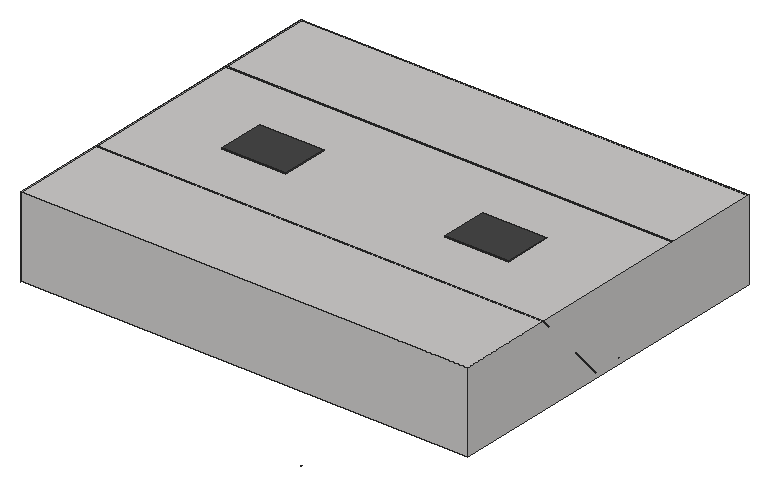
Revit family "QF_ELECTROLUXPROFESSIONAL_642014_EC2228T", category Specialty Equipment, Revit 2014
Reference planes
  plane 1: z = 0
  plane 2 "Center (Left/Right)": x = 150
  plane 3 "LEFT": x = -1250
  plane 4 "RIGHT": x = 1550
  plane 5 "BACK": y = 550
  plane 6 "TOP": z = 2500
  plane 7 "Base": z = 2000
  plane 8: z = 1946
  plane 9: x = -1247
  plane 10 "DrainX": x = 1399
  plane 11 "AOLeft2": x = -350
  plane 12 "AORight1": x = 650
  plane 13: x = 1547
  plane 14: x = -1050
  plane 15: x = 1350
  plane 16: x = 50
  plane 17: x = 250
  plane 18 "AOLeft1": x = -750
  plane 19 "AORight2": x = 1050
  plane 20: y = -400
  plane 21: through (0, -127.846, 2402.468) normal (0, -0.753, 0.6581)
  plane 22: through (0, -972.152, 2402.468) normal (0, -0.753, -0.6581)
  plane 23: y = -700
  plane 24 "Center (Front/Back)": y = -550
  plane 25: y = -1650
Forms (mm)
  Extrusion 1, solid, material "QF_Finishes_Stainless Steel"
    sketch origin (-1250, 0, 360) x (0, 1, 0) y (0, 0, 1)
      loop
        line (550, 1640) -> (550, 2140) -> (-1650, 2140) -> (-1650, 1640) -> (550, 1640)
    from 0 to 3
  Extrusion 2, solid, material "QF_Finishes_Stainless Steel"
    sketch origin (1550, 0, 360) x (0, 1, 0) y (0, 0, 1)
      loop
        line (550, 1640) -> (550, 2140) -> (-1650, 2140) -> (-1650, 1640) -> (550, 1640)
    from 0 to -3
  Extrusion 3, solid, material "QF_Finishes_Stainless Steel"
    sketch origin (150, 0, 360) x (0, 1, 0) y (0, 0, 1)
      loop
        line (-1650, 2140) -> (-1650, 1640) -> (-1640, 1640) -> (-1640, 1640.8) -> (-1649.2, 1640.8) -> (-1649.2, 2139.19) -> (549.2, 2139.19) -> (549.2, 1640.8) -> (540, 1640.8) -> (540, 1640) -> (550, 1640) -> (550, 2140) -> (-1650, 2140)
    from -1400 to 1400
  Extrusion 4, solid, material "QF_Finishes_Black"
    sketch origin (0, 0, 2500) x (0, 1, 0) y (-1, 0, 0)
      loop
        line (-400, 350) -> (-400, 750) -> (-700, 750) -> (-700, 350) -> (-400, 350)
    from 5 to 0
  Extrusion 5, solid, material "QF_Finishes_Stainless Steel"
    sketch origin (0, 0, 0) x (1, 0, 0) y (0, 1, 0)
      loop
        line (-1250, 550) -> (-1250, 549) -> (-1249, 549) -> (-1249, 550) -> (-1250, 550)
    from 0 to 1
  Extrusion 6, solid, material "QF_Finishes_Stainless Steel"
    sketch origin (150, -400, 360) x (0, 1, 0) y (0, 0, 1)
      loop
        line (-79.471, 1685.734) -> (-56.882, 1665.992) -> (272.154, 2042.468) -> (249.566, 2062.21) -> (-79.471, 1685.734)
      loop
        line (-572.152, 2042.468) -> (-243.115, 1665.992) -> (-220.526, 1685.734) -> (-549.563, 2062.21) -> (-572.152, 2042.468)
    from -1200 to -1397
  Extrusion 7, solid, material "QF_Finishes_Stainless Steel"
    sketch origin (150, -400, 360) x (0, 1, 0) y (0, 0, 1)
      loop
        line (360.354, 2141.454) -> (357.903, 2143.511) -> (264.331, 2031.996) -> (266.169, 2030.453) -> (357.41, 2139.19) -> (358.454, 2139.19) -> (360.354, 2141.454)
      loop
        line (-560.354, 2022.279) -> (-557.903, 2024.336) -> (-564.331, 2031.996) -> (-566.169, 2030.453) -> (-657.41, 2139.19) -> (-658.454, 2139.19) -> (-560.354, 2022.279)
      loop
        arc (-83.944, 1704.554) -> (-84.545, 1704.706) -> (-85.077, 1704.389) r 0.81
        line (-85.077, 1704.389) -> (-99.535, 1684.991) -> (-116.611, 1687.002) -> (-113.609, 1712.615) -> (-114.407, 1712.708) -> (-117.406, 1687.095)
        arc (-117.406, 1687.095) -> (-117.237, 1686.499) -> (-116.695, 1686.197) r 0.81
        line (-116.695, 1686.197) -> (-99.628, 1684.196)
        arc (-99.628, 1684.196) -> (-99.213, 1684.257) -> (-98.884, 1684.517) r 0.81
        line (-98.884, 1684.517) -> (-84.436, 1703.911) -> (-73.692, 1695.919) -> (-99.855, 1660.79) -> (-200.145, 1660.79) -> (-226.308, 1695.919) -> (-215.564, 1703.911) -> (-201.116, 1684.517)
        arc (-201.116, 1684.517) -> (-200.787, 1684.257) -> (-200.372, 1684.196) r 0.81
        line (-200.372, 1684.196) -> (-183.305, 1686.197)
        arc (-183.305, 1686.197) -> (-182.763, 1686.499) -> (-182.594, 1687.095) r 0.81
        line (-182.594, 1687.095) -> (-185.593, 1712.708) -> (-186.391, 1712.615) -> (-183.389, 1687.002) -> (-200.465, 1684.991) -> (-214.923, 1704.389)
        arc (-214.923, 1704.389) -> (-215.455, 1704.706) -> (-216.056, 1704.554) r 0.81
        line (-216.056, 1704.554) -> (-226.786, 1696.561)
        arc (-226.786, 1696.561) -> (-227.103, 1696.028) -> (-226.951, 1695.427) r 0.81
        line (-226.951, 1695.427) -> (-200.843, 1660.381)
        arc (-200.843, 1660.381) -> (-200.5, 1660.093) -> (-200.063, 1659.99) r 0.972
        line (-200.063, 1659.99) -> (-99.951, 1659.99)
        arc (-99.951, 1659.99) -> (-99.502, 1660.096) -> (-99.149, 1660.393) r 1
        line (-99.149, 1660.393) -> (-73.049, 1695.427)
        arc (-73.049, 1695.427) -> (-72.897, 1696.028) -> (-73.214, 1696.561) r 0.81
        line (-73.214, 1696.561) -> (-83.944, 1704.554)
    from -1397 to 1397
  Extrusion 8, solid, material "QF_Finishes_Stainless Steel"
    sketch origin (150, -400, 360) x (0, 1, 0) y (0, 0, 1)
      loop
        line (272.154, 2042.468) -> (249.566, 2062.21) -> (-79.471, 1685.734) -> (-56.882, 1665.992) -> (272.154, 2042.468)
      loop
        line (-572.154, 2042.468) -> (-243.118, 1665.992) -> (-220.529, 1685.734) -> (-549.566, 2062.21) -> (-572.154, 2042.468)
    from 1397 to 1200
  Extrusion 9, solid, material "QF_Finishes_Stainless Steel"
    sketch origin (150, -400, 360) x (0, 1, 0) y (0, 0, 1)
      loop
        line (272.154, 2042.468) -> (249.566, 2062.21) -> (-79.471, 1685.734) -> (-56.882, 1665.992) -> (272.154, 2042.468)
      loop
        line (-572.154, 2042.468) -> (-243.118, 1665.992) -> (-220.529, 1685.734) -> (-549.566, 2062.21) -> (-572.154, 2042.468)
    from -100 to 100
  Extrusion 10, solid, material "QF_Finished_Chrome"
    sketch origin (150, -400, 360) x (0, 1, 0) y (0, 0, 1)
      loop
        line (249.566, 2062.21) -> (-79.471, 1685.734) -> (-56.882, 1665.992) -> (272.154, 2042.468) -> (249.566, 2062.21)
      loop
        line (-549.566, 2062.21) -> (-572.154, 2042.468) -> (-243.118, 1665.992) -> (-220.529, 1685.734) -> (-549.566, 2062.21)
    from -1200 to -100
  Extrusion 11, solid, material "QF_Finished_Chrome"
    sketch origin (150, -400, 360) x (0, 1, 0) y (0, 0, 1)
      loop
        line (272.154, 2042.468) -> (249.566, 2062.21) -> (-79.471, 1685.734) -> (-56.882, 1665.992) -> (272.154, 2042.468)
      loop
        line (-572.154, 2042.468) -> (-243.118, 1665.992) -> (-220.529, 1685.734) -> (-549.566, 2062.21) -> (-572.154, 2042.468)
    from 100 to 1200
  Sweep 12, solid, material "QF_Finishes_Stainless Steel"
    path origin (0, 0, 0) x (1, 0, 0) y (0, 1, 0)
      loop
        line (1550, 550) -> (-1250, 550) -> (-1250, -1650) -> (1550, -1650) -> (1550, 550)
    profile origin (1550, -550, 0) x (1, 0, 0) y (0, 0, 1)
      loop
        line (-3, 2000) -> (-3, 2000.8) -> (-19, 2000.8) -> (-19, 2010) -> (-20, 2010) -> (-20, 2000) -> (-3, 2000)
  Extrusion 13, solid, material "QF_Finishes_Black"
    sketch origin (0, 0, 2500) x (0, 1, 0) y (-1, 0, 0)
      loop
        line (-400, -1050) -> (-400, -650) -> (-700, -650) -> (-700, -1050) -> (-400, -1050)
    from 5 to 0
  Extrusion 14, solid, material "QF_Finishes_Stainless Steel"
    sketch origin (1399, 0, 0) x (0, 1, 0) y (0, 0, 1)
      loop
        arc (-518.5, 1946) -> (-511.429, 1948.929) -> (-508.5, 1956) r 10
        line (-508.5, 1956) -> (-508.5, 2000.8) -> (-591.5, 2000.8) -> (-591.5, 1956)
        arc (-591.5, 1956) -> (-588.571, 1948.929) -> (-581.5, 1946) r 10
        line (-581.5, 1946) -> (-518.5, 1946)
    from -90 to 90
  Extrusion 15, solid, material "QF_Finishes_Stainless Steel"
    sketch origin (0, -1100, 2000) x (0, 1, 0) y (-1, 0, 0)
      loop
        circle (550, -1399) r 6.35
    from -3.799 to 0
Cuts and joins
  joined: Extrusion 2, Extrusion 3, Sweep 12
Lines and regions (mm)
  symbolic lines, style "SpecialityEquipment", detail levels coarse
    curve 1: line (1550, 550, 2500) -> (-1250, 550, 2500)
    curve 2: line (-1250, 550, 2500) -> (-1250, -1640, 2500)
    curve 3: line (1550, -1650, 2500) -> (1550, 550, 2500)
    curve 4: line (-1250, 550, 0) -> (1550, -1650, 0)
    curve 5: line (1550, 550, 0) -> (-1247, -1650, 0)
  symbolic lines, detail levels coarse
    curve 6: line (-1247, -1650, 0) -> (1550, -1650, 0)
    curve 7: line (-750, -700, 0) -> (-350, -700, 0)
    curve 8: line (-750, -400, 0) -> (-750, -700, 0)
    curve 9: line (-350, -400, 0) -> (-750, -400, 0)
    curve 10: line (-350, -700, 0) -> (-350, -400, 0)
    curve 11: line (650, -400, 0) -> (650, -700, 0)
    curve 12: line (1050, -400, 0) -> (650, -400, 0)
    curve 13: line (1050, -700, 0) -> (1050, -400, 0)
    curve 14: line (650, -700, 0) -> (1050, -700, 0)
    curve 15: line (-1247, -660.798, 0) -> (1547, -660.798, 0)
Dimensions and locks
  plane 3 "LEFT" to plane 4 "RIGHT" = 2800 mm
  equal spacing: plane 3 "LEFT", plane 2 "Center (Left/Right)", plane 4 "RIGHT"
  plane 3 "LEFT" to plane 9 = 3 mm
  plane 10 "DrainX" to plane 4 "RIGHT" = 151 mm
  plane 13 to plane 4 "RIGHT" = 3 mm
  plane 3 "LEFT" to plane 14 = 200 mm
  plane 15 to plane 4 "RIGHT" = 200 mm
  locked: plane 11 "AOLeft2" to plane 12 "AORight1" at 1000
  equal spacing: plane 11 "AOLeft2", plane 2 "Center (Left/Right)", plane 12 "AORight1"
  locked: plane 7 "Base" to level at 2000
  locked: plane 16 to plane 17 at 200
  equal spacing: plane 16, plane 2 "Center (Left/Right)", plane 17
  plane 18 "AOLeft1" to plane 11 "AOLeft2" = 400 mm
  plane 12 "AORight1" to plane 19 "AORight2" = 400 mm
  plane 7 "Base" to plane 8 = 54 mm
  locked: plane 6 "TOP" to plane 7 "Base" at 500
  plane 5 "BACK" to plane 25 = 2200 mm  (x2)
  equal spacing: plane 5 "BACK", plane 24 "Center (Front/Back)", plane 25
  plane 23 to plane 20 = 300 mm
  equal spacing: plane 23, plane 24 "Center (Front/Back)", plane 20
  aligned and locked: level to plane 1
  aligned and locked: plane 4 "RIGHT" to Extrusion 3
  aligned and locked: Extrusion 3 to plane 3 "LEFT"
  aligned and locked: Extrusion 6 to plane 9
  aligned and locked: plane 14 to Extrusion 6
  aligned and locked: Extrusion 2 to plane 13
  aligned and locked: plane 13 to Extrusion 8
  aligned and locked: plane 15 to Extrusion 8
  aligned and locked: plane 17 to Extrusion 9
  aligned and locked: Extrusion 9 to plane 16
  aligned and locked: plane 16 to Extrusion 10
  aligned and locked: Extrusion 10 to plane 14
  aligned and locked: Extrusion 11 to plane 17
  aligned and locked: Extrusion 11 to plane 15
  aligned and locked: Extrusion 7 to plane 9
  aligned and locked: Extrusion 7 to plane 13
  aligned and locked: Extrusion 4 to plane 18 "AOLeft1"
  aligned and locked: Extrusion 4 to plane 11 "AOLeft2"
  aligned and locked: plane 12 "AORight1" to Extrusion 13
  aligned and locked: plane 19 "AORight2" to Extrusion 13
  aligned and locked: plane 23 to Extrusion 13
  aligned and locked: plane 23 to Extrusion 4
  aligned and locked: plane 20 to Extrusion 13
  aligned and locked: plane 20 to Extrusion 4
  aligned and locked: curve 7 to Extrusion 4
  aligned and locked: curve 8 to Extrusion 4
  aligned and locked: curve 9 to Extrusion 4
  aligned and locked: curve 10 to Extrusion 4
  aligned and locked: curve 11 to Extrusion 13
  aligned and locked: curve 12 to Extrusion 13
  aligned and locked: curve 13 to Extrusion 13
  aligned and locked: curve 14 to Extrusion 13
Automatic sketch dimensions
  Extrusion 1 sketch curve to plane 7 "Base" = 0 mm
  Extrusion 1 sketch curve to plane 5 "BACK" = 0 mm
  Extrusion 1 sketch curve to plane 6 "TOP" = 0 mm
  Extrusion 2 sketch curve to plane 7 "Base" = 0 mm
  Extrusion 2 sketch curve to plane 5 "BACK" = 0 mm
  Extrusion 2 sketch curve to plane 6 "TOP" = 0 mm
  Extrusion 3 sketch curve to plane 6 "TOP" = 0 mm
  Extrusion 3 sketch curve to plane 7 "Base" = 0 mm  (x2)
  Extrusion 3 sketch curve to plane 5 "BACK" = 0 mm
  Extrusion 3 sketch curve to Extrusion 3 sketch curve = 9.2 mm
  plane 7 "Base" to Extrusion 3 sketch curve = 0.8 mm  (x2)
  Extrusion 3 sketch curve to plane 5 "BACK" = 10 mm
  Extrusion 3 sketch curve to plane 5 "BACK" = 0.8 mm
  Extrusion 3 sketch curve to plane 6 "TOP" = 0.81 mm
  Extrusion 4 sketch curve to plane 11 "AOLeft2" = 0 mm
  Extrusion 4 sketch curve to plane 18 "AOLeft1" = 0 mm
  Extrusion 5 sketch curve to plane 3 "LEFT" = 0 mm
  Extrusion 5 sketch curve to plane 5 "BACK" = 0 mm
  plane 3 "LEFT" to Extrusion 5 sketch curve = 1 mm
  Extrusion 5 sketch curve to Extrusion 5 sketch curve = 1 mm
  Sweep 12 sketch curve to plane 3 "LEFT" = 0 mm
  Sweep 12 sketch curve to plane 4 "RIGHT" = 0 mm
  Sweep 12 sketch curve to plane 5 "BACK" = 0 mm
  profile plane to Sweep 12 sketch curve = 20 mm
  Sweep 12 sketch curve to Sweep 12 sketch curve = 1 mm
  profile plane to Sweep 12 sketch curve = 3 mm
  level to Sweep 12 sketch curve = 2000 mm
  Sweep 12 sketch curve to Sweep 12 sketch curve = 0.8 mm
  Sweep 12 sketch curve to Sweep 12 sketch curve = 9.2 mm
  Extrusion 13 sketch curve to plane 11 "AOLeft2" = 1400 mm
  plane 18 "AOLeft1" to Extrusion 13 sketch curve = 1400 mm
  Extrusion 13 sketch curve to Extrusion 13 sketch curve = 300 mm
  Extrusion 3 sketch curve to Extrusion 3 sketch curve = 0.8 mm
  Extrusion 6 sketch curve to plane 21 = 0 mm  (x2)
  Extrusion 6 sketch curve to plane 6 "TOP" = 77.79 mm  (x2)
  plane 7 "Base" to Extrusion 6 sketch curve = 25.992 mm  (x2)
  plane 7 "Base" to Extrusion 6 sketch curve = 45.734 mm
  Extrusion 6 sketch curve to plane 22 = 0 mm
  plane 22 to Extrusion 6 sketch curve = 0 mm
  Extrusion 10 sketch curve to plane 21 = 0 mm  (x2)
  Extrusion 10 sketch curve to plane 6 "TOP" = 77.79 mm  (x2)
  Extrusion 10 sketch curve to Extrusion 10 sketch curve = 22.589 mm
  plane 7 "Base" to Extrusion 10 sketch curve = 25.992 mm  (x2)
  Extrusion 9 sketch curve to plane 21 = 0 mm  (x2)
  Extrusion 9 sketch curve to plane 6 "TOP" = 77.79 mm  (x2)
  Extrusion 9 sketch curve to Extrusion 9 sketch curve = 22.589 mm
  plane 7 "Base" to Extrusion 9 sketch curve = 25.992 mm  (x2)
  Extrusion 11 sketch curve to plane 21 = 0 mm  (x2)
  Extrusion 11 sketch curve to plane 6 "TOP" = 77.79 mm  (x2)
  Extrusion 11 sketch curve to Extrusion 11 sketch curve = 22.589 mm
  plane 7 "Base" to Extrusion 11 sketch curve = 25.992 mm  (x2)
  Extrusion 8 sketch curve to plane 21 = 0 mm  (x2)
  Extrusion 8 sketch curve to plane 6 "TOP" = 77.79 mm  (x2)
  Extrusion 8 sketch curve to Extrusion 8 sketch curve = 22.589 mm
  plane 7 "Base" to Extrusion 8 sketch curve = 25.992 mm  (x2)
  plane 7 "Base" to Extrusion 8 sketch curve = 45.734 mm
  plane 7 "Base" to Extrusion 9 sketch curve = 45.734 mm
  plane 7 "Base" to Extrusion 10 sketch curve = 45.734 mm
  plane 7 "Base" to Extrusion 11 sketch curve = 45.734 mm
  Extrusion 13 sketch curve to plane 20 = 0 mm
  plane 23 to Extrusion 1 sketch curve = 950 mm
  plane 23 to Extrusion 2 sketch curve = 950 mm
  plane 23 to Extrusion 3 sketch curve = 940 mm
  plane 23 to Sweep 12 sketch curve = 950 mm
  plane 23 to Extrusion 4 sketch curve = 0 mm
  Extrusion 4 sketch curve to plane 20 = 0 mm
  plane 23 to Extrusion 6 sketch curve = 249.563 mm
  Extrusion 8 sketch curve to plane 23 = 79.471 mm
  plane 23 to Extrusion 8 sketch curve = 249.566 mm
  Extrusion 9 sketch curve to plane 23 = 79.471 mm
  plane 23 to Extrusion 9 sketch curve = 249.566 mm
  Extrusion 10 sketch curve to plane 23 = 79.471 mm
  plane 23 to Extrusion 10 sketch curve = 249.566 mm
  Extrusion 11 sketch curve to plane 23 = 79.471 mm
  plane 23 to Extrusion 11 sketch curve = 249.566 mm
  Extrusion 15 sketch curve to plane 10 "DrainX" = 0 mm
  Extrusion 15 sketch curve to plane 24 "Center (Front/Back)" = 0 mm
  Extrusion 14 sketch curve to plane 8 = 0 mm
  plane 8 to Extrusion 14 sketch curve = 10 mm
  Extrusion 14 sketch curve to plane 24 "Center (Front/Back)" = 41.5 mm
  plane 24 "Center (Front/Back)" to Extrusion 14 sketch curve = 31.5 mm
  plane 7 "Base" to Extrusion 14 sketch curve = 0.8 mm
  plane 24 "Center (Front/Back)" to Extrusion 14 sketch curve = 41.5 mm
  Extrusion 7 sketch curve to plane 6 "TOP" = 0.81 mm  (x2)
  plane 23 to Extrusion 7 sketch curve = 358.454 mm
  Extrusion 7 sketch curve to Extrusion 7 sketch curve = 1.044 mm  (x2)
  Extrusion 7 sketch curve to plane 6 "TOP" = 109.547 mm  (x2)
  Extrusion 7 sketch curve to Extrusion 7 sketch curve = 91.241 mm
  Extrusion 7 sketch curve to plane 6 "TOP" = 108.004 mm  (x2)
  Extrusion 7 sketch curve to plane 6 "TOP" = 117.721 mm
  Extrusion 7 sketch curve to plane 23 = 73.049 mm
  Extrusion 7 sketch curve to Extrusion 7 sketch curve = 0.166 mm
  Extrusion 7 sketch curve to Extrusion 7 sketch curve = 0.478 mm  (x4)
  Extrusion 7 sketch curve to Extrusion 7 sketch curve = 0.006 mm  (x4)
  Extrusion 7 sketch curve to Extrusion 7 sketch curve = 10.73 mm  (x2)
  Extrusion 7 sketch curve to Extrusion 7 sketch curve = 0.484 mm  (x4)
  Extrusion 7 sketch curve to Extrusion 7 sketch curve = 0.008 mm  (x4)
  Extrusion 7 sketch curve to Extrusion 7 sketch curve = 0.641 mm  (x2)
  Extrusion 7 sketch curve to Extrusion 7 sketch curve = 14.448 mm
  plane 7 "Base" to Extrusion 7 sketch curve = 20.381 mm
  Extrusion 7 sketch curve to Extrusion 7 sketch curve = 0.273 mm
  Extrusion 7 sketch curve to Extrusion 7 sketch curve = 0.65 mm  (x2)
  Extrusion 7 sketch curve to Extrusion 7 sketch curve = 0.001 mm  (x4)
  Extrusion 7 sketch curve to Extrusion 7 sketch curve = 0.093 mm  (x2)
  plane 7 "Base" to Extrusion 7 sketch curve = 20.79 mm
  Extrusion 7 sketch curve to Extrusion 7 sketch curve = 0.698 mm
  Extrusion 7 sketch curve to Extrusion 7 sketch curve = 0.081 mm
  Extrusion 7 sketch curve to Extrusion 7 sketch curve = 28.531 mm
  Extrusion 7 sketch curve to Extrusion 7 sketch curve = 0.799 mm  (x2)
  Extrusion 7 sketch curve to Extrusion 7 sketch curve = 17.067 mm  (x2)
  Extrusion 7 sketch curve to Extrusion 7 sketch curve = 0.01 mm  (x4)
  Extrusion 7 sketch curve to Extrusion 7 sketch curve = 0.094 mm
  Extrusion 7 sketch curve to Extrusion 7 sketch curve = 0.795 mm  (x2)
  plane 24 "Center (Front/Back)" to Extrusion 7 sketch curve = 32.594 mm
  Extrusion 7 sketch curve to Extrusion 7 sketch curve = 0.71 mm
  Extrusion 7 sketch curve to Extrusion 7 sketch curve = 2.998 mm
  Extrusion 7 sketch curve to Extrusion 7 sketch curve = 16.745 mm
  Extrusion 7 sketch curve to Extrusion 7 sketch curve = 0.095 mm
  plane 7 "Base" to Extrusion 7 sketch curve = 20.393 mm
  Extrusion 7 sketch curve to Extrusion 7 sketch curve = 0.707 mm
  Extrusion 7 sketch curve to Extrusion 7 sketch curve = 0.651 mm
  Extrusion 7 sketch curve to Extrusion 7 sketch curve = 14.456 mm
  plane 20 to Extrusion 7 sketch curve = 264.331 mm
  plane 6 "TOP" to Extrusion 7 sketch curve = 3.511 mm
  Extrusion 7 sketch curve to Extrusion 7 sketch curve = 0.8 mm
  Extrusion 7 sketch curve to Extrusion 7 sketch curve = 23.206 mm
  Extrusion 7 sketch curve to Extrusion 7 sketch curve = 23.234 mm
  Extrusion 7 sketch curve to Extrusion 7 sketch curve = 0.321 mm  (x2)
  Extrusion 7 sketch curve to Extrusion 7 sketch curve = 2.001 mm  (x2)
  Extrusion 7 sketch curve to Extrusion 7 sketch curve = 0.804 mm  (x2)
  Extrusion 7 sketch curve to Extrusion 7 sketch curve = 10.911 mm  (x2)
  Extrusion 7 sketch curve to Extrusion 7 sketch curve = 7.993 mm  (x2)
  Extrusion 7 sketch curve to Extrusion 7 sketch curve = 25.613 mm  (x2)
  Extrusion 7 sketch curve to Extrusion 7 sketch curve = 1.839 mm
  curve 4 to plane 3 "LEFT" = 0 mm
  curve 6 to plane 9 = 0 mm
  curve 15 to plane 9 = 0 mm
  curve 15 to plane 13 = 0 mm
  curve 6 to plane 4 "RIGHT" = 0 mm
  curve 5 to plane 4 "RIGHT" = 0 mm
  curve 4 to plane 25 = 0 mm
  curve 4 to plane 5 "BACK" = 0 mm
  curve 5 to plane 5 "BACK" = 0 mm
  curve 15 to plane 23 = 39.202 mm
  curve 3 to plane 4 "RIGHT" = 0 mm
  curve 3 to plane 25 = 0 mm
  curve 2 to plane 3 "LEFT" = 0 mm
  curve 2 to plane 5 "BACK" = 0 mm
  plane 25 to curve 2 = 10 mm
  radius of Extrusion 15 sketch curve = 6.35 mm
Connectors
  hvac at (-550, -550, 2505)
    settings: on Extrusion 4, index 2, duct flow 0.0 L/s, flow factor 0, pres drop 0.0 Pa, loss coef 0, conn angle 0.00°, conn width 300 mm, conn height 400 mm, conn diameter 609.6 mm, duct sys type 3, conn prof type 1, flow config 1, flow direction 2, loss method 0, conn ref index -1, conn util no, is conn primary yes, conn desc "EXHAUST OUTLET"
  hvac at (850, -550, 2505)
    settings: on Extrusion 13, index 3, duct flow 0.0 L/s, flow factor 0, pres drop 0.0 Pa, loss coef 0, conn angle 0.00°, conn width 300 mm, conn height 400 mm, conn diameter 609.6 mm, duct sys type 3, conn prof type 1, flow config 1, flow direction 2, loss method 0, conn ref index -1, conn util no, is conn primary no, conn desc "EXHAUST OUTLET"
  piping at (1399, -550, 1996.201), diameter 12.7
    settings: on Extrusion 15, index 4, connector inside diameter 609.6 mm, connector length 0 mm, flow factor 0, pipe flow 0.0 L/s, pressure drop 0.0 Pa, fitting loss kfactor 0, connector angle 0.00°, fixture units 0, engagement length 0 mm, angle of deflection 0.00°, flow configuration 1, flow direction 2, fitting loss method 0, system type 16, joint type 0, gender type 0, connector reference index -1, connector utility 0, adjustable connector no, is connector primary yes, connector description "Drain"
